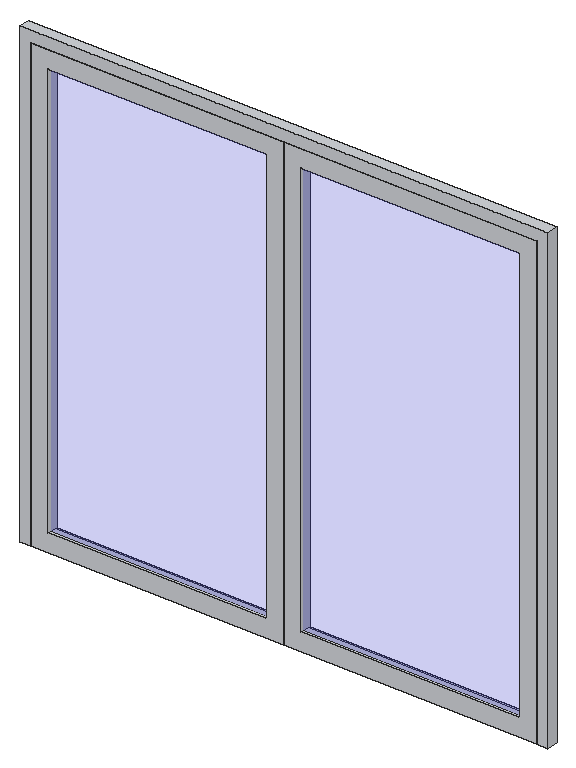
Revit family "Pivot-Door_Series-7200_2-Panel_All-Weather", category Doors, host Wall, Revit 2026
Family settings
  Host = Wall
  Classification Number = 23.30.10.14.11
  Always vertical = Yes
  Cut with Voids When Loaded = No
  Shared = No
  Room Calculation Point = No
Parameters (values of type "081316_4461-107 (2 5/8)")
  Wind Load = ""
  Water Penetration = ""
  Stop Depth = 0' - 0 5/8"
  Sound Transmission Class (STC) = 0
  Panel Type [instance] = Door-Panel_Galaxy-Metal-Doors_Flush : Door-Panel_Galaxy-Metal-Doors_Flush
  Panel Height = Height  # 8' - 11"
  Hardware Finish = Metal - Steel
  Handle Type [instance] = Handle_Generic Lever : Handle_Generic Lever
  Handle Height [instance] = 3' - 0"
  Function = Interior
  Frame Width = 0' - 2 5/8"
  Frame Thickness = 0' - 6 1/8"
  Frame Finish = Metal - Stainless Steel
  Door Glazing = Glass - Clear
  Define Thermal Properties by = Schematic Type
  Building Code Conformance = ""
  Analytic Construction = "<None>"
  Air Infiltration = ""
  ASTM Conformance = ""
  Panel Width [instance] = Width / 2  # 5' - 0"
  Panel Material = Metal - Stainless Steel
  Warranty Duration (Years) = 0
  URL = ""
  Thickness = 0' - 2 5/8"
  Specification = ""
  Rough Width = 10' - 0"
  Rough Height = 8' - 11"
  R_Value = 0
  Product Properties = ""
  Maintenance Schedule (Months) = 0
  Installation Phase = ""
  Model = ""
  Manufacturer = ""
  Keynote = ""
  Height = 8' - 11"
  Wall Closure = By host
  Width = 10' - 0"
  Fire Rating = ""
  Expected Lifespan (Years) = 0
  Drawn By = ""
  Description = ""
  Copyright = ""
  Building Codes = ""
  Assembly Code = ""
  ADA Compliant = yes
  AAMA Designation = ""
Types (4): name | Panel Height | Frame Width | Thickness | Rough Height | Height
  081316_4461-107 (1 9/16) | 8' - 11" | 0' - 2 5/8" | 0' - 1 9/16" | 8' - 11" | 8' - 11"
  081316_4461-108 (2 5/8) | 9' - 0" | 0' - 2 3/4" | 0' - 2 5/8" | 9' - 0" | 9' - 0"
  081316_4461-108 (1 9/16) | 9' - 0" | 0' - 2 3/4" | 0' - 1 9/16" | 9' - 0" | 9' - 0"
  081316_4461-107 (2 5/8) | 8' - 11" | 0' - 2 5/8" | 0' - 2 5/8" | 8' - 11" | 8' - 11"
Reference planes (in)
  plane 1 "Center (Front/Back)": y = -33.96225
  plane 2 "Center (Left/Right)": x = 62.28704
  plane 3: z = 0
  plane 4 "Right": x = 124.91204
  plane 5 "Left": x = -0.33796
  plane 6 "Closure": y = -35.96225
  plane 7: z = 0
  plane 8 "Top of Frame": z = 109.625
  plane 9 "RO Top": z = 109.625
  plane 10 "RO Right": x = 124.91204
  plane 11 "RO Left": x = -0.33796
  plane 12 "Frame Ext": y = -30.89975
  plane 13 "Frame Int": y = -37.02475
  plane 14: x = 122.28704
  plane 15: z = 107
  plane 16: x = 2.28704
  plane 17: y = -32.64975
  plane 18: z = 36
  plane 19: y = -35.27475
Forms (in)
  Sweep 1, solid
    path origin (0, -33.96225, 0) x (1, 0, 0) y (0, 0, 1)
      loop
        line (124.91204, 0) -> (124.91204, 109.625) -> (-0.33796, 109.625) -> (-0.33796, 0)
    profile origin (124.91204, -33.96225, 54.8125) x (-1, 0, 0) y (0, -1, 0)
      loop
        line (2.625, 1.3125) -> (0, 1.3125) -> (0, -1.3125) -> (2.625, -1.3125) -> (2.625, 1.3125)
Lines and regions (in)
  Opening 1
    outline origin (-109.33485, -35.96225, 0) x (1, 0, 0) y (0, 0, 1)
      loop
        line (108.99689, 0) -> (234.24689, 0) -> (234.24689, 109.625) -> (108.99689, 109.625) -> (108.99689, 0)
Text (in)
  text "Exterior" at (10.57594, -7.14554, 0), in view "A101 - Plan View"
  text "Interior" at (10.57594, -59.60024, 0), in view "A101 - Plan View"
  text "Exterior" at (0, -17.98638, 123.01588), in view "Right"
  text "Interior" at (0, -64.39139, 123.01588), in view "Right"
  text "Interior" at (0, -52.09468, 121.14095), in view "Left"
  text "Exterior" at (0, 26.35325, 123.00693), in view "Left"
Dimensions and locks (in)
  equal spacing: plane 4 "Right", plane 2 "Center (Left/Right)", plane 5 "Left"
  plane 5 "Left" to plane 11 "RO Left" = 0' - 0"
  plane 10 "RO Right" to plane 4 "Right" = 0' - 0"
  plane 9 "RO Top" to plane 8 "Top of Frame" = 0' - 0"
  "Frame Thickness": plane 12 "Frame Ext" to plane 13 "Frame Int"
  equal spacing: plane 12 "Frame Ext", plane 1 "Center (Front/Back)", plane 13 "Frame Int"
  "Frame Width": plane 5 "Left" to plane 16
  "Frame Width": plane 14 to plane 4 "Right"
  "Frame Width": plane 15 to plane 8 "Top of Frame"
  "Width": plane 16 to plane 14
  "Height": level to plane 15
  "Handle Height": level to plane 18
  equal spacing: plane 17, plane 1 "Center (Front/Back)", plane 19
  "Thickness": plane 17 to plane 19
  aligned and locked: host wall to plane 1 "Center (Front/Back)"
  aligned and locked: host wall to plane 6 "Closure"
  aligned and locked: nested 1 to plane 16
  aligned and locked: Sweep 1 sketch curve to plane 11 "RO Left"
  aligned and locked: plane 2 "Center (Left/Right)" to nested 2
  aligned and locked: nested 1 to plane 19
  aligned and locked: plane 19 to nested 2
  aligned and locked: plane 17 to Sweep 1 sketch curve
  aligned and locked: Sweep 1 sketch curve to plane 19
  aligned and locked: plane 14 to Sweep 1 sketch curve
  aligned and locked: plane 10 "RO Right" to Sweep 1 sketch curve
Automatic sketch dimensions
  Opening 1 sketch curve to plane 9 "RO Top" = 0' - 0"
  Opening 1 sketch curve to plane 11 "RO Left" = 0' - 0"
  Opening 1 sketch curve to plane 10 "RO Right" = 0' - 0"
  Opening 1 sketch curve to level = 0' - 0"
  Sweep 1 sketch curve to level = 0' - 0"  (x2)
  Sweep 1 sketch curve to plane 8 "Top of Frame" = 0' - 0"
  plane 4 "Right" to Sweep 1 sketch curve = 0' - 0"
Nested families (in)
  nested 1: "Door-Panel_Galaxy-Metal-Doors_Flush" at (32.28704, -33.96225, 0) x (-1, 0, 0) z (0, 0, 1), Panel Material <- "Panel Material", Width <- "Panel Width", Thickness <- "Thickness", Height <- "Panel Height", Door Glazing <- "Door Glazing", type <- "Panel Type", type "Door-Panel_Galaxy-Metal-Doors_Flush"
    with offset 0' - 0", Width 5' - 0", Thickness 0' - 2 5/8", Panel Material Metal - Stainless Steel, Height 8' - 11", Door Glazing Glass - Clear
  nested 2: "Door-Panel_Galaxy-Metal-Doors_Flush" at (92.28704, -33.96225, 0), Panel Material <- "Panel Material", Width <- "Panel Width", Thickness <- "Thickness", Height <- "Panel Height", Door Glazing <- "Door Glazing", type <- "Panel Type", type "Door-Panel_Galaxy-Metal-Doors_Flush"
    with offset 0' - 0", Width 5' - 0", Thickness 0' - 2 5/8", Panel Material Metal - Stainless Steel, Height 8' - 11", Door Glazing Glass - Clear
Definition of nested family "Door-Panel_Galaxy-Metal-Doors_Flush"
  Parameters (values of type "Door-Panel_Galaxy-Metal-Doors_Flush")
    offset [instance] = 0' - 0"
    Width [instance] = 3' - 0"
    Warranty Duration (Years) = 0
    URL = "galaxymetalproducts.com"
    Thickness [instance] = 0' - 2 5/8"
    Specification = "http://www.arcat.com/sd/clients/galaxyme.html?coid=48404"
    SpecWizard = ""
    Send Message = "http://www.arcat.com/arcatcos/cos48/arc48404.html"
    Sales Information = "http://www.republicdoor.com/contacts.htm"
    Revision = "R1_04-2017"
    Product Properties = ""
    Product Data = "http://www.arcat.com/arcatcos/cos35/arc35153.html?isac=1&r=1"
    Panel Material [instance] = none
    Model = "As Specified"
    Manufacturer Website = "http://galaxymetalproducts.com/"
    Manufacturer Phone - Toll Free = "800-294-8199"
    Manufacturer Phone = "800-294-8199"
    Manufacturer Fax = ""
    Manufacturer Address = "2960 Woodbridge Ave. Edison, NJ 08837"
    Manufacturer = "Galaxy Metal Products, LLC"
    Maintenance Schedule (Months) = 0
    Keynote = ""
    Installation-Fabrication = ""
    Installation Phase = ""
    Height [instance] = 8' - 0"
    Green Building-LEED = "http://www.arcat.com/green/clients/leed_data_48404.html"
    Function = (empty or 0)
    Expected Lifespan (Years) = 0
    Drawn By = "Sumex Design, Inc. / Robert S. Weygant, CSI, CDT, SCIP"
    Door Glazing [instance] = none
    Description = ""
    Define Thermal Properties by = 1
    Copyright = "©Arcat Inc."
    Construction Details = "http://www.arcat.com/details/galaxyme/prod3845.html"
    Assembly Code = ""
  Reference planes (in)
    plane 1 "Center (Front/Back)": y = 0
    plane 2 "Bottom": z = 0
    plane 3 "Center (Left/Right)": x = 0
    plane 4 "Front": y = -1.3125
    plane 5 "Back": y = 1.3125
    plane 6 "Left": x = -18
    plane 7 "Right": x = 18
    plane 8 "Top": z = 96
    plane 9: z = 48
    plane 10 "2": x = -13.97492
    plane 11 "4": x = 13.97492
    plane 12: z = 0
    plane 13: z = 0
    plane 14 "5": z = 91.90508
    plane 15: y = -0.63243
    plane 16: y = 0.63243
  Forms (in)
    Extrusion 1, solid
      sketch origin (0, 0, 0) x (1, 0, 0) y (0, 1, 0)
        loop
          line (-13.97492, -0.63243) -> (13.97492, -0.63243) -> (13.97492, 0.63243) -> (-13.97492, 0.63243) -> (-13.97492, -0.63243)
      from 4.09492 to 91.90508
    Extrusion 2, solid
      sketch origin (-13.97492, -0.63243, 0) x (1, 0, 0) y (0, 0, 1)
        loop
          line (-4.02508, 0) -> (31.97492, 0) -> (31.97492, 96) -> (-4.02508, 96) -> (-4.02508, 0)
        loop
          line (0, 4.09492) -> (27.94984, 4.09492) -> (27.94984, 91.90508) -> (0, 91.90508) -> (0, 4.09492)
      from -1.94493 to 0.68007
  Lines and regions (in)
    symbolic lines
      curve 1: arc (-18, 1.3125, 0) -> (-7.45584, 26.76834, 0) -> (18, 37.3125, 0) r 36
      curve 2: line (18, 1.3125, 0) -> (15.375, 1.3125, 0)
      curve 3: line (18, 37.3125, 0) -> (18, 1.3125, 0)
      curve 4: line (15.375, 37.3125, 0) -> (18, 37.3125, 0)
      curve 5: line (15.375, 1.3125, 0) -> (15.375, 37.3125, 0)
      curve 6: line (-18, 0, 96) -> (18, 0, 48)
      curve 7: line (18, 0, 48) -> (-18, 0, 0)
  Dimensions and locks (in)
    equal spacing: plane 6 "Left", plane 3 "Center (Left/Right)", plane 7 "Right"
    "Width": plane 6 "Left" to plane 7 "Right"
    equal spacing: plane 5 "Back", plane 1 "Center (Front/Back)", plane 4 "Front"
    "Thickness": plane 5 "Back" to plane 4 "Front"
    "Height": plane 8 "Top" to plane 2 "Bottom"
    "Width": curve 4 to plane 5 "Back"
    "Thickness": curve 5 to plane 7 "Right"
    equal spacing: plane 8 "Top", plane 9, level
    locked: plane 6 "Left" to plane 10 "2" at 4.02508
    locked: plane 11 "4" to plane 7 "Right" at 4.02508
    plane 13 to level = 0' - 0"
    locked: plane 8 "Top" to plane 14 "5" at 4.09492
    equal spacing: plane 16, plane 1 "Center (Front/Back)", plane 15, locked at 0.63243 each
    aligned and locked: plane 2 "Bottom" to level
    aligned and locked: Extrusion 1 to plane 10 "2"
    aligned and locked: Extrusion 1 to plane 11 "4"
    aligned and locked: plane 8 "Top" to Extrusion 2 sketch curve
    aligned and locked: Extrusion 2 sketch curve to plane 6 "Left"
    aligned and locked: plane 7 "Right" to Extrusion 2 sketch curve
    aligned and locked: plane 13 to Extrusion 2 sketch curve
    aligned and locked: Extrusion 1 to Extrusion 2
    aligned and locked: Extrusion 2 to plane 5 "Back"
    aligned and locked: Extrusion 2 to plane 4 "Front"
    aligned and locked: Extrusion 2 sketch curve to plane 14 "5"
    aligned and locked: Extrusion 1 to plane 15
    aligned and locked: Extrusion 1 to plane 16
  Automatic sketch dimensions
    curve 7 to level = 0' - 0"
    curve 7 to plane 6 "Left" = 0' - 0"
    curve 6 to plane 6 "Left" = 0' - 0"
    curve 6 to plane 7 "Right" = 0' - 0"
    curve 6 to plane 9 = 0' - 0"
    curve 6 to plane 8 "Top" = 0' - 0"
    curve 1 to plane 5 "Back" = 0' - 0"
    curve 1 to plane 6 "Left" = 0' - 0"
    plane 5 "Back" to curve 3 = 0' - 0"
    curve 3 to plane 7 "Right" = 0' - 0"
    plane 1 "Center (Front/Back)" to Extrusion 1 sketch curve = 0' - 0.63243"
    Extrusion 1 sketch curve to plane 3 "Center (Left/Right)" = 1' - 1.97492"
    plane 3 "Center (Left/Right)" to Extrusion 1 sketch curve = 1' - 1.97492"
    Extrusion 1 sketch curve to plane 5 "Back" = 0' - 0.68007"
    Extrusion 2 sketch curve to Extrusion 1 = 0' - 0"  (x2)
    Extrusion 1 to Extrusion 2 sketch curve = 0' - 0"
